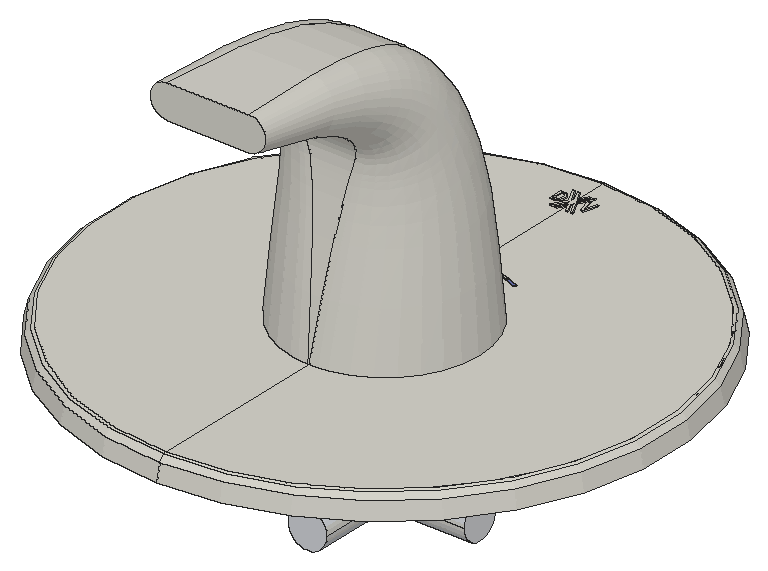
Revit family "Valve_Diverter_Trim-DXV-Modulus-D35120510RB_Series", category Plumbing Fixtures, host Face, Revit 2019
Family settings
  Host = Face
  Round Connector Dimension = Use Diameter
  Part Type = Normal
  OmniClass Number = 23.45.05.14.17
  OmniClass Title = Showers
  Cut with Voids When Loaded = No
  Shared = Yes
  Room Calculation Point = No
Parameters (values of type "D35120510RB.144")
  Width = 7 7/16"
  Water Connection Diameter = 1/2"  # constant formula
  Waste Connection = no
  WFU = 4  # constant formula
  Vent Connection = no
  URL = "https://www.dxv.com/"
  Type Comments = ""
  Revised Date = "06/07/2022"  # constant formula
  Red and Blue Indicator Marking = yes
  Product Page URL = "https://www.dxv.com/product/dxv-modulus-1-2-inch-or-3-4-inch-thermostatic-valve-trim-projects-model"
  Product Documentation Link = "https://dxv01.blob.core.windows.net/dxv-product-pdf-files/spec_D35120510-RB_DXV_Modulus_thermo_valve_EN.pdf"
  Price = "Prices may vary. Please consult Manufacturer Representative for most up-to-date price list."  # constant formula
  Model = "D35120510RB.144"
  Material = "Brass-DXV-144-Brushed Nickel"
  Manufacturer = "DXV"
  Length = 4 1/8"  # constant formula
  Installation Type = "Wall Mounted"
  Hot Water Connection Diameter = 1/2"  # constant formula
  Height = 7 7/16"
  HWFU = 3  # constant formula
  HW Connection = yes
  Finish = Brass-DXV-144-Brushed Nickel
  Description = "DXV Modulus 1/2\" or 3/4\" Thermostatic Valve Trim"
  Default Elevation = 44"  # constant formula
  Creation Date = "05/10/2022"  # constant formula
  Cold Water Connection Diameter = 1/2"  # constant formula
  CWFU = 3  # constant formula
  CW Connection = yes
  Assembly Code = "D2010710"
  ASSE 1016 = yes
  ASME A112.18.1/CSA B125.1 = yes
  ADA Compliant = yes
  3/4" Thermostatic Rough Valve = not([1/2" Thermostatic Rough Valve])  # no
  1/2" Thermostatic Rough Valve = yes
Types (4): name | Model | Material | Finish
  (no name) | "D35120510RB.144" | "Brass-DXV-144-Brushed Nickel" | Brass-DXV-144-Brushed Nickel
  D35120510RB.100 | "D35120510RB.100" | "Brass-DXV-100-Polished Chrome" | Brass-DXV-100-Polished Chrome
  D35120510RB.144 | "D35120510RB.144" | "Brass-DXV-144-Brushed Nickel" | Brass-DXV-144-Brushed Nickel
  D35120510RB.150 | "D35120510RB.150" | "Brass-DXV-150-Platinum Nickel" | Brass-DXV-150-Platinum Nickel
Reference planes (in)
  plane 1 "Center (Front/Back)": y = 0
  plane 2: z = 0
  plane 3 "Center (Left/Right)": x = 0
  plane 4: through (0, -0.18422, -0.68036) normal (0, 0.1739, -0.9848)
  plane 5: x = -3.71875
  plane 6: x = 3.71875
  plane 7: x = -1.25
  plane 8: x = 1.25
  plane 9: y = 1.25
  plane 10: y = -1.25
  plane 11: y = -2.875
  plane 12: z = 4.125
  plane 13: y = -3.71875
  plane 14: y = 3.71875
  plane 15: z = -1.625
  plane 16: y = 2.125
  plane 17: y = -44
Forms (in)
  Revolve 1, solid, material "Brass-DXV-144-Brushed Nickel" <- "Finish"
    sketch origin (0, 0, 0) x (0, 1, 0) y (0, 0, 1)
      loop
        line (3.71875, 0) -> (3.67252, 0.21751) -> (3.60663, 0.2834)
        arc (3.60663, 0.2834) -> (3.59024, 0.29435) -> (3.57091, 0.2982) r 0.05051
        line (3.57091, 0.2982) -> (0, 0.2982) -> (0, 0) -> (3.71875, 0)
      axis (0, 0.2982) -> (0, 0)
    angle from 0 to 360
  SweptBlend 2, solid, material "Brass-DXV-144-Brushed Nickel" <- "Finish"
    path origin (0, 1.06032, 0.6585) x (0, -0.173918, 0.98476) y (0, -0.98476, -0.173918)
      loop
        spline (-0.24986, 1.12085) -> (0.3211, 1.02093) -> (0.82202, 0.93866) -> (1.26225, 0.88054) -> (1.65115, 0.85308) -> (1.99808, 0.86276) -> (2.31217, 0.91736) -> (2.60036, 1.03627) -> (2.86843, 1.24524) -> (3.12213, 1.57007) -> (3.36723, 2.03655) -> (3.60948, 2.6705) -> (3.85466, 3.49771)
    profile origin (0, 0, 0.21751) x (0, -0.999999, -0.001572) y (1, 0, 0)
      loop
        circle (0, 0) r 1.25
    end profile origin (0, -3.05448, 3.8461) x (0, -0.085589, -0.99633) y (1, 0, 0)
      loop
        line (0.12961, -0.54198) -> (0.12961, 0.54198)
        arc (0.12961, 0.54198) -> (-0.07411, 0.7457) -> (-0.27783, 0.54198) r 0.20372
        line (-0.27783, 0.54198) -> (-0.27783, -0.54198)
        arc (-0.27783, -0.54198) -> (-0.07411, -0.7457) -> (0.12961, -0.54198) r 0.20372
  Extrusion 3, solid, visible <- "1/2" Thermostatic Rough Valve"
    sketch origin (0, 0, 0) x (1, 0, 0) y (0, 0, 1)
      loop
        circle (0, -1.625) r 0.25
    from -1.25 to 1.25
  Extrusion 4, solid, visible <- "1/2" Thermostatic Rough Valve"
    sketch origin (0, 0, 0) x (0, 1, 0) y (0, 0, 1)
      loop
        circle (0, -1.625) r 0.25
    from -1.25 to 1.25
  Extrusion 5, solid, material "Brass-DXV-144-Brushed Nickel" <- "Finish"
    sketch origin (0.00016, -1.3815, 0) x (1, 0, 0) y (0, 1, 0)
      loop
        line (-0.23453, 4.56033) -> (-0.23453, 4.3815) -> (-0.18086, 4.3815)
        arc (-0.18086, 4.3815) -> (-0.11163, 4.47092) -> (-0.18086, 4.56033) r 0.09236
        line (-0.18086, 4.56033) -> (-0.23453, 4.56033)
      loop
        line (-0.21387, 4.53849) -> (-0.21387, 4.4066) -> (-0.17253, 4.4066)
        arc (-0.17253, 4.4066) -> (-0.13621, 4.4727) -> (-0.17309, 4.53849) r 0.07771
        line (-0.17309, 4.53849) -> (-0.21387, 4.53849)
      loop
        line (0.11523, 4.56033) -> (0.17137, 4.37672) -> (0.20251, 4.37672) -> (0.25865, 4.56033) -> (0.22748, 4.56033) -> (0.18753, 4.41853) -> (0.14757, 4.56033) -> (0.11523, 4.56033)
      loop
        line (0.01526, 4.51399) -> (0.08772, 4.6447) -> (0.05647, 4.6447) -> (-0.00068, 4.54161) -> (-0.05783, 4.6447) -> (-0.08908, 4.6447) -> (-0.01662, 4.51399) -> (-0.03233, 4.48679) -> (-0.11986, 4.6447) -> (-0.15234, 4.6447) -> (-0.0489, 4.45809) -> (-0.15234, 4.27148) -> (-0.11986, 4.27148) -> (-0.03233, 4.42939) -> (-0.01662, 4.40219) -> (-0.08908, 4.27148) -> (-0.05783, 4.27148) -> (-0.00068, 4.37457) -> (0.05647, 4.27148) -> (0.08772, 4.27148) -> (0.01526, 4.40219) -> (0.03097, 4.42939) -> (0.1185, 4.27148) -> (0.15098, 4.27148) -> (0.04754, 4.45809) -> (0.15098, 4.6447) -> (0.1185, 4.6447) -> (0.03097, 4.48679) -> (0.01526, 4.51399)
    from 0.2754 to 0.30338
  Extrusion 6, solid, material "Paint-DXV-Red", visible <- "Red and Blue Indicator Marking"
    sketch origin (-0.07269, 0.22773, 0) x (0, 1, 0) y (-1, 0, 0)
      loop
        arc (1.12187, 0.5573) -> (1.14814, 0.49428) -> (1.17151, 0.43012) r 1.50001
        line (1.17151, 0.43012) -> (1.1961, 0.45471)
        arc (1.1961, 0.45471) -> (1.17221, 0.51839) -> (1.14551, 0.58094) r 1.53126
        line (1.14551, 0.58094) -> (1.12187, 0.5573)
    from 0.21603 to 0.30338
  Extrusion 7, solid, material "Paint-DXV-Blue", visible <- "Red and Blue Indicator Marking"
    sketch origin (-0.07269, 0.22773, 0) x (0, 1, 0) y (-1, 0, 0)
      loop
        line (1.10792, -0.68872) -> (1.13139, -0.7122)
        arc (1.13139, -0.7122) -> (1.15889, -0.65049) -> (1.18364, -0.58763) r 1.53141
        line (1.18364, -0.58763) -> (1.15928, -0.56328)
        arc (1.15928, -0.56328) -> (1.13502, -0.62658) -> (1.10792, -0.68872) r 1.50017
    from 0.21603 to 0.30338
  Extrusion 8, solid, material "Brass-DXV-144-Brushed Nickel" <- "Finish", visible <- "Red and Blue Indicator Marking"
    sketch origin (-0.07269, 0.22773, 0) x (0, 1, 0) y (-1, 0, 0)
      loop
        arc (1.17858, 0.40873) -> (1.25075, -0.06818) -> (1.16782, -0.54334) r 1.50001
        line (1.16782, -0.54334) -> (1.19231, -0.56783)
        arc (1.19231, -0.56783) -> (1.282, -0.0681) -> (1.20335, 0.4335) r 1.53126
        line (1.20335, 0.4335) -> (1.17858, 0.40873)
    from 0.21603 to 0.30338
  Extrusion 9, void
    sketch origin (0, 0, 0) x (0, 1, 0) y (0, 0, 1)
      loop
        line (-2.875, 4.18364) -> (-3.08961, 4.18364) -> (-3.08961, 3.62935) -> (-2.875, 3.62935) -> (-2.875, 4.18364)
    from -0.78344 to 0.79514
  Revolve 10, solid, not visible
    sketch origin (0.00039, 0, 0) x (0, 1, 0) y (0, 0, 1)
      loop
        line (-0.375, 0) -> (-0.375, -0.06354) -> (-0.59795, -0.06354)
        arc (-0.59795, -0.06354) -> (-0.61708, -0.07146) -> (-0.625, -0.09059) r 0.02704
        line (-0.625, -0.09059) -> (-0.625, -1.625) -> (0, -1.625) -> (0, 0) -> (-0.375, 0)
      axis (0, 0) -> (0, -1.625)
    angle from 0 to 360
Cuts and joins
  Extrusion 9 cuts SweptBlend 2
Lines and regions (in)
  Masking region 1
    outline origin (0, 0, 0) x (1, 0, 0) y (0, 0, 1)
      loop
        line (3.71875, 0) -> (3.67252, 0.21751) -> (3.60679, 0.28331)
        arc (3.60679, 0.28331) -> (3.59023, 0.29438) -> (3.5707, 0.29827) r 0.05103
        line (3.5707, 0.29827) -> (1.25075, 0.29827)
        arc (1.25075, 0.29827) -> (1.14187, 1.54484) -> (1.00298, 2.78843) r 51.94148
        arc (1.00298, 2.78843) -> (0.94414, 3.18413) -> (0.87074, 3.5774) r 10.84141
        arc (0.87074, 3.5774) -> (0.81411, 3.79034) -> (0.73363, 3.99545) r 1.93446
        arc (0.73363, 3.99545) -> (0.65293, 4.08904) -> (0.53471, 4.125) r 0.22207
        line (0.53471, 4.125) -> (-0.53471, 4.125)
        arc (-0.53471, 4.125) -> (-0.65308, 4.08907) -> (-0.73389, 3.99542) r 0.22218
        arc (-0.73389, 3.99542) -> (-0.81437, 3.7903) -> (-0.871, 3.57736) r 1.93457
        arc (-0.871, 3.57736) -> (-0.94439, 3.1841) -> (-1.00323, 2.78841) r 10.84154
        arc (-1.00323, 2.78841) -> (-1.14212, 1.54483) -> (-1.251, 0.29827) r 51.94161
        line (-1.251, 0.29827) -> (-3.5707, 0.29827)
        arc (-3.5707, 0.29827) -> (-3.59023, 0.29438) -> (-3.60679, 0.28331) r 0.05103
        line (-3.60679, 0.28331) -> (-3.67252, 0.21751) -> (-3.71875, 0) -> (3.71875, 0)
  Masking region 2, detail levels medium+fine
    outline origin (0.00047, 0, -0.00017) x (1, 0, 0) y (0, 0, 1)
      loop
        line (1.24953, -1.875) -> (1.24953, -1.375) -> (0.62508, -1.375) -> (0.62508, -0.09078)
        arc (0.62508, -0.09078) -> (0.6171, -0.07152) -> (0.59784, -0.06354) r 0.02724
        line (0.59784, -0.06354) -> (0.375, -0.06354) -> (0.375, 0) -> (-0.375, 0) -> (-0.375, -0.06354) -> (-0.59784, -0.06354)
        arc (-0.59784, -0.06354) -> (-0.6171, -0.07152) -> (-0.62508, -0.09078) r 0.02724
        line (-0.62508, -0.09078) -> (-0.62508, -1.375) -> (-1.25047, -1.375) -> (-1.25047, -1.875) -> (1.24953, -1.875)
  symbolic lines, detail levels medium+fine
    curve 1: line (-1.24992, 0, 0.2982) -> (1.24992, 0, 0.2982)
    curve 2: line (0.62554, 0, -1.37517) -> (-0.62461, 0, -1.37517)
  symbolic lines, detail levels fine
    curve 3: line (0.37547, 0, -0.06371) -> (-0.37453, 0, -0.06371)
    curve 4: circle (0, 0, -1.625) r 0.25 normal (0, -1, 0)
Dimensions and locks (in)
  "Width": plane 5 to plane 6
  "Width": plane 14 to plane 13
  locked: plane 9 to plane 11 at 4.125
  "Default Elevation": plane 1 "Center (Front/Back)" to plane 17
  "Length": plane 12 to plane 2
  aligned and locked: plane 2 to host face
  aligned and locked: level to host face
  aligned and locked: Extrusion 8 to Extrusion 6
  aligned and locked: Extrusion 8 to Extrusion 7
  aligned and locked: Extrusion 6 to Extrusion 5
  aligned and locked: Extrusion 9 sketch curve to plane 11
  aligned and locked: Masking region 1 sketch curve to Revolve 1
  aligned and locked: Masking region 1 sketch curve to plane 12
  aligned and locked: plane 7 to Masking region 2
  aligned and locked: Masking region 2 to plane 8
  aligned and locked: curve 4 to Extrusion 3
  aligned and locked: Revolve 10 sketch curve to plane 15
  aligned and locked: Revolve 10 sketch curve to plane 2
  aligned and locked: plane 1 "Center (Front/Back)" to Revolve 10 sketch curve
  aligned and locked: Revolve 10 sketch curve to plane 1 "Center (Front/Back)"
Automatic sketch dimensions
  host sketch curve to host sketch curve = 96"  (x2)
  Revolve 1 sketch curve to plane 1 "Center (Front/Back)" = 0"  (x2)
  Revolve 1 sketch curve to level = 0"
  Revolve 1 sketch curve to plane 14 = 0"
  plane 14 to Revolve 1 sketch curve = 0.14784"
  Revolve 1 sketch curve to Revolve 1 sketch curve = 0.03572"  (x2)
  plane 14 to Revolve 1 sketch curve = 0.04623"
  level to Revolve 1 sketch curve = 0.21751"
  Revolve 1 sketch curve to Revolve 1 sketch curve = 0.03017"
  Revolve 1 sketch curve to Revolve 1 sketch curve = 0.17637"
  Revolve 1 sketch curve to Revolve 1 sketch curve = 1.4518"
  SweptBlend 2 sketch curve to profile plane = 0"
  profile plane to SweptBlend 2 sketch curve = 0"
  profile plane to SweptBlend 2 sketch curve = 0.27783"
  profile plane to SweptBlend 2 sketch curve = 0.07411"
  SweptBlend 2 sketch curve to profile plane = 0.54198"
  profile plane to SweptBlend 2 sketch curve = 0.54198"
  Extrusion 3 sketch curve to plane 3 "Center (Left/Right)" = 0"
  Extrusion 3 sketch curve to plane 15 = 0"
  Extrusion 4 sketch curve to plane 1 "Center (Front/Back)" = 0"
  plane 15 to Extrusion 4 sketch curve = 0"
  Extrusion 5 sketch curve to plane 3 "Center (Left/Right)" = 15/64"
  Extrusion 5 sketch curve to Extrusion 5 sketch curve = 0.02061"
  Extrusion 5 sketch curve to Extrusion 5 sketch curve = 0.02066"
  Extrusion 5 sketch curve to Extrusion 5 sketch curve = 0.00994"
  Extrusion 5 sketch curve to Extrusion 5 sketch curve = 0.03301"  (x2)
  Extrusion 5 sketch curve to Extrusion 5 sketch curve = 0.00777"
  Extrusion 5 sketch curve to Extrusion 5 sketch curve = 0.00833"
  Extrusion 5 sketch curve to Extrusion 5 sketch curve = 0.02852"  (x2)
  Extrusion 5 sketch curve to Extrusion 5 sketch curve = 0.03248"  (x4)
  Extrusion 5 sketch curve to Extrusion 5 sketch curve = 0.03079"  (x4)
  Extrusion 5 sketch curve to Extrusion 5 sketch curve = 1/32"  (x4)
  Extrusion 5 sketch curve to plane 3 "Center (Left/Right)" = 0.04874"
  Extrusion 5 sketch curve to plane 3 "Center (Left/Right)" = 0.03217"  (x2)
  Extrusion 5 sketch curve to plane 3 "Center (Left/Right)" = 0.01647"  (x2)
  Extrusion 5 sketch curve to plane 3 "Center (Left/Right)" = 0.00052"  (x2)
  plane 3 "Center (Left/Right)" to Extrusion 5 sketch curve = 0.01542"  (x2)
  plane 3 "Center (Left/Right)" to Extrusion 5 sketch curve = 0.03112"  (x2)
  Extrusion 5 sketch curve to Extrusion 5 sketch curve = 0.01657"
  plane 3 "Center (Left/Right)" to Extrusion 5 sketch curve = 0.05662"  (x2)
  Extrusion 5 sketch curve to Extrusion 5 sketch curve = 0.02752"
  Extrusion 5 sketch curve to Extrusion 5 sketch curve = 0.03234"
  Extrusion 5 sketch curve to Extrusion 5 sketch curve = 0.02039"
  Extrusion 5 sketch curve to Extrusion 5 sketch curve = 0.01616"
  Extrusion 5 sketch curve to Extrusion 5 sketch curve = 0.03115"
  Extrusion 5 sketch curve to Extrusion 5 sketch curve = 0.0799"
  Extrusion 5 sketch curve to Extrusion 5 sketch curve = 0.03117"
  Extrusion 5 sketch curve to plane 16 = 0.76497"
  Extrusion 5 sketch curve to Extrusion 5 sketch curve = 0"  (x7)
  Extrusion 5 sketch curve to Extrusion 5 sketch curve = 0.1031"  (x2)
  Extrusion 5 sketch curve to Extrusion 5 sketch curve = 0.10525"
  Extrusion 5 sketch curve to Extrusion 5 sketch curve = 0.11003"
  Extrusion 5 sketch curve to Extrusion 5 sketch curve = 0.02761"  (x2)
  Extrusion 5 sketch curve to Extrusion 5 sketch curve = 0.0251"
  Extrusion 5 sketch curve to Extrusion 5 sketch curve = 0.04181"
  Extrusion 5 sketch curve to Extrusion 5 sketch curve = 0.0272"  (x4)
  Extrusion 5 sketch curve to Extrusion 5 sketch curve = 0.0287"  (x4)
  Extrusion 5 sketch curve to Extrusion 5 sketch curve = 0.06432"
  Extrusion 5 sketch curve to Extrusion 5 sketch curve = 0.00145"
  Extrusion 5 sketch curve to Extrusion 5 sketch curve = 0.07354"
  Extrusion 5 sketch curve to Extrusion 5 sketch curve = 0.08437"
  Extrusion 6 sketch curve to Extrusion 6 sketch curve = 0"  (x2)
  plane 1 "Center (Front/Back)" to Extrusion 6 sketch curve = 0.02144"
  Extrusion 6 sketch curve to plane 9 = 0.09959"
  Extrusion 6 sketch curve to Extrusion 6 sketch curve = 0.02364"
  Extrusion 6 sketch curve to Extrusion 6 sketch curve = 0.04965"
  Extrusion 6 sketch curve to Extrusion 6 sketch curve = 0.02458"  (x2)
  Extrusion 6 sketch curve to plane 3 "Center (Left/Right)" = 0.02147"
  Extrusion 6 sketch curve to plane 3 "Center (Left/Right)" = 0.50281"
  Extrusion 8 sketch curve to Extrusion 8 sketch curve = 0"  (x2)
  plane 1 "Center (Front/Back)" to Extrusion 8 sketch curve = 0.02144"
  Extrusion 8 sketch curve to plane 9 = 0.14554"
  Extrusion 8 sketch curve to plane 9 = 0.15631"
  Extrusion 8 sketch curve to Extrusion 8 sketch curve = 0.0245"  (x2)
  Extrusion 8 sketch curve to Extrusion 8 sketch curve = 0.02477"
  plane 3 "Center (Left/Right)" to Extrusion 8 sketch curve = 0.49514"
  Extrusion 8 sketch curve to plane 3 "Center (Left/Right)" = 0.02147"
  plane 11 to Extrusion 9 sketch curve = 0.21461"
  plane 12 to Extrusion 9 sketch curve = 0.49565"
  Extrusion 9 sketch curve to plane 12 = 0.05864"
  plane 1 "Center (Front/Back)" to Extrusion 7 sketch curve = 0.02558"
  Extrusion 7 sketch curve to Extrusion 7 sketch curve = 0.00003"
  Extrusion 7 sketch curve to plane 9 = 0.08564"
  Extrusion 7 sketch curve to Extrusion 7 sketch curve = 0.02347"  (x2)
  Extrusion 7 sketch curve to Extrusion 7 sketch curve = 0.05136"
  Extrusion 7 sketch curve to Extrusion 7 sketch curve = 0.02436"
  Extrusion 7 sketch curve to plane 8 = 0.61049"
  Extrusion 7 sketch curve to Extrusion 7 sketch curve = 0.10109"
  Extrusion 7 sketch curve to Extrusion 7 sketch curve = 0.02435"
  SweptBlend 2 sketch curve to plane 1 "Center (Front/Back)" = 0"
  level to SweptBlend 2 sketch curve = 0.21751"
  SweptBlend 2 sketch curve to SweptBlend 2 sketch curve = 4.10451"
  SweptBlend 2 sketch curve to SweptBlend 2 sketch curve = 2.37685"
  Masking region 1 sketch curve to plane 5 = 0"
  Masking region 1 sketch curve to plane 6 = 0"
  level to Masking region 1 sketch curve = 1.39204"
  Masking region 1 sketch curve to plane 5 = 6.02938"
  plane 15 to Masking region 1 sketch curve = 1.97301"
  Masking region 1 sketch curve to Masking region 1 sketch curve = 40.79626"
  plane 5 to Masking region 1 sketch curve = 0.04623"
  Masking region 1 sketch curve to Masking region 1 sketch curve = 0.06572"
  Masking region 1 sketch curve to Masking region 1 sketch curve = 0.0361"  (x2)
  plane 7 to Masking region 1 sketch curve = 0.226"
  Masking region 1 sketch curve to plane 3 "Center (Left/Right)" = 0.53471"
  Masking region 1 sketch curve to Masking region 1 sketch curve = 0.00279"
  plane 3 "Center (Left/Right)" to Masking region 1 sketch curve = 0.53174"
  Masking region 1 sketch curve to Masking region 1 sketch curve = 0.00297"
  Masking region 1 sketch curve to plane 8 = 0.22614"
  plane 8 to Masking region 1 sketch curve = 0.00075"
  Masking region 1 sketch curve to plane 6 = 0.14805"
  Masking region 1 sketch curve to plane 6 = 0.04623"
  level to Masking region 1 sketch curve = 1.392"
  plane 6 to Masking region 1 sketch curve = 6.02925"
  plane 15 to Masking region 1 sketch curve = 1.97303"
  level to Masking region 1 sketch curve = 0.21751"  (x2)
  Masking region 1 sketch curve to Masking region 1 sketch curve = 0.02973"  (x2)
  Masking region 1 sketch curve to Masking region 1 sketch curve = 0.03607"  (x2)
  plane 12 to Masking region 1 sketch curve = 0.9376"
  plane 12 to Masking region 1 sketch curve = 0.93754"
  plane 12 to Masking region 1 sketch curve = 0.22216"
  plane 12 to Masking region 1 sketch curve = 0.22205"
  Masking region 1 sketch curve to plane 7 = 0.001"
  plane 7 to Masking region 1 sketch curve = 0.24677"
  Masking region 1 sketch curve to Masking region 1 sketch curve = 0.153"
  Masking region 1 sketch curve to Masking region 1 sketch curve = 0"  (x2)
  plane 12 to Masking region 1 sketch curve = 0.12955"
  Masking region 2 sketch curve to plane 7 = 0"
  Masking region 2 sketch curve to plane 3 "Center (Left/Right)" = 0.62461"
  Masking region 2 sketch curve to Masking region 2 sketch curve = 0.02724"
  Masking region 2 sketch curve to level = 0.06371"  (x2)
  Masking region 2 sketch curve to Masking region 2 sketch curve = 0.22284"  (x2)
  plane 3 "Center (Left/Right)" to Masking region 2 sketch curve = 0.37547"
  Masking region 2 sketch curve to plane 15 = 0.24983"  (x2)
  Masking region 2 sketch curve to plane 8 = 0.62446"
  plane 8 to Masking region 2 sketch curve = 0"
  plane 15 to Masking region 2 sketch curve = 0.25017"
  Masking region 2 sketch curve to level = 0.00017"
  curve 3 to level = 0.06371"
  curve 3 to plane 3 "Center (Left/Right)" = 0.37453"
  curve 2 to plane 15 = 0.24983"
  curve 2 to plane 3 "Center (Left/Right)" = 0.62461"
  plane 3 "Center (Left/Right)" to curve 3 = 0.37547"
  curve 2 to plane 8 = 0.62446"
  plane 7 to curve 1 = 0.00008"
  curve 1 to plane 8 = 0.00008"
  level to curve 1 = 0.2982"
  plane 1 "Center (Front/Back)" to Revolve 10 sketch curve = 3/8"
  Revolve 10 sketch curve to level = 0.06354"
  Revolve 10 sketch curve to Revolve 10 sketch curve = 0.22296"
  Revolve 10 sketch curve to Revolve 10 sketch curve = 0.02704"
  plane 15 to Revolve 10 sketch curve = 0.39047"
  Revolve 10 sketch curve to Revolve 10 sketch curve = 1/2"
  radius of SweptBlend 2 sketch curve = 1 1/4"
  radius of Extrusion 3 sketch curve = 1/4"
  radius of Extrusion 4 sketch curve = 1/4"
Connectors (in)
  piping at (-1.25, 0, -1.625), diameter 0.5, driven by "HWFU", driven by "Hot Water Connection Diameter"
    settings: on Extrusion 4, index 1, connector inside diameter 24", connector length 0", flow factor 0, pipe flow 0 GPM, pressure drop 0.00 psi, fitting loss kfactor 0, connector angle 0.00°, fixture units 3, engagement length 0", angle of deflection 0.00°, flow configuration 3, flow direction 1, fitting loss method 0, system type 19, joint type 0, gender type 0, connector reference index -1, connector utility 0, adjustable connector no, is connector primary yes, connector description "1/2\" HW NPT Inlet Connection"
  piping at (0, 1.25, -1.625), diameter 0.5, driven by "Water Connection Diameter"
    settings: on Extrusion 3, index 2, connector inside diameter 24", connector length 0", flow factor 0, pipe flow 0 GPM, pressure drop 0.00 psi, fitting loss kfactor 0, connector angle 0.00°, fixture units 0, engagement length 0", angle of deflection 0.00°, flow configuration 0, flow direction 2, fitting loss method 0, system type 29, joint type 0, gender type 0, connector reference index -1, connector utility 0, adjustable connector no, is connector primary no, connector description "1/2\" NPT Outlet Connection"
  piping at (1.25, 0, -1.625), diameter 0.5, driven by "CWFU", driven by "Cold Water Connection Diameter"
    settings: on Extrusion 4, index 3, connector inside diameter 24", connector length 0", flow factor 0, pipe flow 0 GPM, pressure drop 0.00 psi, fitting loss kfactor 0, connector angle 0.00°, fixture units 3, engagement length 0", angle of deflection 0.00°, flow configuration 3, flow direction 1, fitting loss method 0, system type 20, joint type 0, gender type 0, connector reference index -1, connector utility 0, adjustable connector no, is connector primary no, connector description "1/2\" CW NPT Inlet Connection"
  piping at (0, -1.25, -1.625), diameter 0.5, driven by "Water Connection Diameter"
    settings: on Extrusion 3, index 4, connector inside diameter 24", connector length 0", flow factor 0, pipe flow 0 GPM, pressure drop 0.00 psi, fitting loss kfactor 0, connector angle 0.00°, fixture units 0, engagement length 0", angle of deflection 0.00°, flow configuration 0, flow direction 2, fitting loss method 0, system type 29, joint type 0, gender type 0, connector reference index -1, connector utility 0, adjustable connector no, is connector primary no, connector description "1/2\" NPT Tub Outlet Connection"
